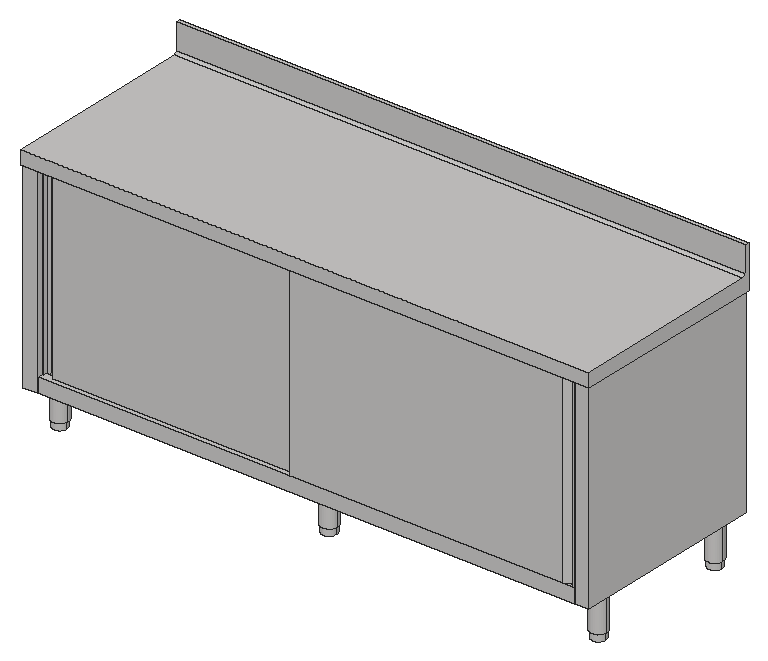
Revit family "QF_ELECTROLUXPROFESSIONAL_133084_TN2010EN", category Specialty Equipment, Revit 2021
Family settings
  Round Connector Dimension = Use Diameter
  Part Type = Normal
  Work Plane-Based = No
  Always vertical = Yes
  Cut with Voids When Loaded = No
  Shared = No
  Room Calculation Point = No
Parameters (values of type "Standard")
  Weight = 75.00 kg
  Watts = 0 W
  Volts = 0 V
  URL Manufacturer = "http://professional.electrolux.com"
  URL = "http://professional.electrolux.com"
  Steam Supply Size = 0 mm
  Steam Supply Minimum Pressure = 0.0 Pa
  Steam Supply Maximum Pressure = 0.0 Pa
  Steam Consumption per Hour = 0
  Refrigeration Suction Line Size = 0.0 mm
  Refrigeration Liquid Line Size = 0.0 mm
  Refrigerant Compressor Remote = yes
  Default Elevation = 0.0 mm
  Manufacturer = "Electrolux Professional"
  Phase = 0
  Model = "TN2010EN"
  Length Actual = 2000.0 mm  # constant formula
  Item Number = "133084"
  Hot Water Size = 0 mm
  Height Actual = 1000.0 mm  # constant formula
  HP = "0 HP"
  Gas Size = 0 mm
  Gas KW = 0
  Gas Input Pressure = 0 W
  Direct Waste Size = 0 mm
  Description = "WORKTOP CUPBOARD WITH UPSTAND 2000 MM"
  Depth Actual = 700.0 mm  # constant formula
  Cycle = 0 Hz
  Condensate Return Size = 0 mm
  Compressed Air Volume = 0.0 L/s
  Compressed Air Size = 0 mm
  Compressed Air Pressure = 0.0 Pa
  Cold Water Size = 0 mm
  Accessory = no
Reference planes
  plane 1 "Center (Front/Back)": y = 0
  plane 2: z = 0
  plane 3 "Center (Left/Right)": x = -500
  plane 4 "LEFT": x = -1500
  plane 5 "RIGHT": x = 500
  plane 6 "BACK": y = 350
  plane 7 "FRONT": y = -350
  plane 8 "Base": z = 850
  plane 9 "TOP": z = 900
  plane 10: x = -1446.9
  plane 11: x = 446.9
  plane 12: y = 270
  plane 13: y = -241.9
  plane 14 "BodyLeft": x = -1494.5
  plane 15 "BodyFront": y = -344.5
  plane 16 "BodyRight": x = 494.5
  plane 17 "BodyBack": y = 344.5
  plane 18 "FEET": z = 150
  plane 19: x = -444.5
  plane 20: x = -555.5
Forms (mm)
  Extrusion 1, solid, material "QF_Finishes_Stainless Steel"
    sketch origin (-500, 0, 0) x (0, 1, 0) y (0, 0, 1)
      loop
        line (-350, 850) -> (350, 850) -> (350, 1000) -> (337, 1000) -> (337, 910)
        arc (337, 910) -> (334.071, 902.929) -> (327, 900) r 10
        line (327, 900) -> (-350, 900) -> (-350, 850)
    from 1000 to -1000
  Extrusion 2, solid, material "QF_Finishes_Stainless Steel"
    sketch origin (0, 0, 150) x (-1, 0, 0) y (0, -1, 0)
      loop
        line (1494.5, -344.5) -> (1494.5, 344.5) -> (1444.5, 344.5) -> (1444.5, -344.5) -> (1494.5, -344.5)
      loop
        line (-444.5, -344.5) -> (-444.5, 344.5) -> (-494.5, 344.5) -> (-494.5, -344.5) -> (-444.5, -344.5)
    from 0 to 700
  Extrusion 3, solid, material "QF_Finishes_Stainless Steel"
    sketch origin (0, 0, 150) x (-1, 0, 0) y (0, -1, 0)
      loop
        line (1443.585, -344.5) -> (1443.585, 344.5) -> (-444.5, 344.5) -> (-444.5, -344.5) -> (1443.585, -344.5)
    from 0 to 50
  Extrusion 4, solid, material "QF_Finishes_Stainless Steel"
    sketch origin (0, 0, 150) x (-1, 0, 0) y (0, -1, 0)
      loop
        line (1443.585, -344.5) -> (1443.585, -294.5) -> (-444.5, -294.5) -> (-444.5, -344.5) -> (1443.585, -344.5)
    from 50 to 700
  Extrusion 5, solid, material "QF_Finishes_Stainless Steel"
    sketch origin (0, 0, 150) x (-1, 0, 0) y (0, -1, 0)
      loop
        line (-444.5, 344.5) -> (-444.5, 324.5) -> (555.5, 324.5) -> (555.5, 344.5) -> (-404.5, 344.5) -> (-424.5, 329.5) -> (-439.5, 329.5) -> (-439.5, 344.5) -> (-444.5, 344.5)
    from 50 to 700
  Extrusion 6, solid, material "QF_Finishes_Stainless Steel"
    sketch origin (0, 20, 150) x (1, 0, 0) y (0, 1, 0)
      loop
        line (-1444.5, -344.5) -> (-1439.5, -344.5) -> (-1439.5, -329.5) -> (-1424.5, -329.5) -> (-1404.5, -344.5) -> (-444.5, -344.5) -> (-444.5, -324.5) -> (-1444.5, -324.5) -> (-1444.5, -344.5)
    from 50 to 700
Lines and regions (mm)
  symbolic lines
    curve 1: line (500, 350, 900) -> (-1500, 350, 900)
    curve 2: line (-1500, 350, 900) -> (-1500, -350, 900)
    curve 3: line (-1500, -350, 900) -> (500, -350, 900)
    curve 4: line (500, -350, 900) -> (500, 350, 900)
    curve 5: line (-1500, 337, 900) -> (500, 337, 900)
  symbolic lines, style "SpecialityEquipmentHiddenLines"
    curve 6: line (-1494.5, -344.5, 150) -> (-1494.5, 344.5, 150)
    curve 7: line (-1494.5, 344.5, 150) -> (494.5, 344.5, 150)
    curve 8: line (494.5, 344.5, 150) -> (494.5, -344.5, 150)
    curve 9: line (494.5, -344.5, 150) -> (-1494.5, -344.5, 150)
    curve 10: line (-1444.5, -304.5, 150) -> (-444.5, -304.5, 150)
    curve 11: line (-444.5, -304.5, 150) -> (-444.5, -324.5, 150)
    curve 12: line (444.5, -324.5, 150) -> (-1444.5, -324.5, 150)
    curve 13: line (-1444.5, -324.5, 150) -> (-1444.5, -304.5, 150)
    curve 14: line (-555.5, -344.5, 150) -> (-555.5, -324.5, 150)
Dimensions and locks
  plane 4 "LEFT" to plane 5 "RIGHT" = 2000.0 mm
  equal spacing: plane 4 "LEFT", plane 3 "Center (Left/Right)", plane 5 "RIGHT"
  locked: plane 8 "Base" to level at 850
  locked: Extrusion 1 to level at 1000
  plane 9 "TOP" to level = 900.0 mm
  plane 6 "BACK" to plane 7 "FRONT" = 700.0 mm
  equal spacing: plane 6 "BACK", plane 1 "Center (Front/Back)", plane 7 "FRONT"
  locked: plane 4 "LEFT" to plane 14 "BodyLeft" at 5.5
  locked: plane 16 "BodyRight" to plane 5 "RIGHT" at 5.5
  locked: plane 15 "BodyFront" to plane 7 "FRONT" at 5.5
  locked: plane 6 "BACK" to plane 17 "BodyBack" at 5.5
  locked: plane 14 "BodyLeft" to plane 10 at 47.6
  locked: plane 11 to plane 16 "BodyRight" at 47.6
  locked: plane 13 to plane 15 "BodyFront" at 102.6
  locked: plane 17 "BodyBack" to plane 12 at 74.5
  plane 10 to plane 11 = 1893.8 mm
  plane 12 to plane 13 = 511.9 mm
  locked: plane 14 "BodyLeft" to Extrusion 2 sketch curve at 50
  locked: Extrusion 2 sketch curve to Extrusion 2 sketch curve at 50
  Extrusion 3 to Extrusion 4 sketch curve = 50.0 mm
  Extrusion 2 to plane 19 = 1000.0 mm
  plane 20 to Extrusion 2 = 1000.0 mm
  locked: plane 18 "FEET" to level at 150
  aligned and locked: level to plane 2
  aligned and locked: plane 10 to nested 1
  aligned and locked: nested 1 to plane 13
  aligned and locked: plane 11 to nested 2
  aligned and locked: nested 2 to plane 13
  aligned and locked: plane 11 to nested 4
  aligned and locked: nested 4 to plane 12
  aligned and locked: plane 10 to nested 3
  aligned and locked: nested 3 to plane 12
  aligned and locked: Extrusion 1 to plane 4 "LEFT"
  aligned and locked: plane 5 "RIGHT" to Extrusion 1
  aligned and locked: curve 2 to plane 4 "LEFT"
  aligned and locked: plane 17 "BodyBack" to Extrusion 2 sketch curve
  aligned and locked: Extrusion 2 sketch curve to plane 15 "BodyFront"
  aligned and locked: Extrusion 2 sketch curve to plane 14 "BodyLeft"
  aligned and locked: plane 16 "BodyRight" to Extrusion 2 sketch curve
  aligned and locked: Extrusion 2 sketch curve to plane 17 "BodyBack"
  aligned and locked: plane 15 "BodyFront" to Extrusion 2 sketch curve
  aligned and locked: Extrusion 3 sketch curve to plane 17 "BodyBack"
  aligned and locked: plane 15 "BodyFront" to Extrusion 3 sketch curve
  aligned and locked: plane 8 "Base" to Extrusion 2
  aligned and locked: plane 8 "Base" to Extrusion 5
  aligned and locked: Extrusion 5 to Extrusion 3
  aligned and locked: Extrusion 6 sketch curve to plane 19
  aligned and locked: Extrusion 5 sketch curve to plane 20
  aligned and locked: curve 7 to plane 17 "BodyBack"
  aligned and locked: Extrusion 2 to plane 14 "BodyLeft"
  aligned and locked: plane 16 "BodyRight" to curve 8
  aligned and locked: plane 15 "BodyFront" to curve 9
  aligned and locked: plane 3 "Center (Left/Right)" to nested 5
  aligned and locked: plane 3 "Center (Left/Right)" to nested 6
Automatic sketch dimensions
  curve 3 to plane 7 "FRONT" = 0.0 mm
  curve 5 to plane 5 "RIGHT" = 0.0 mm
  curve 4 to plane 6 "BACK" = 0.0 mm
  curve 5 to plane 17 "BodyBack" = 7.5 mm
  Extrusion 1 sketch curve to plane 7 "FRONT" = 0.0 mm
  Extrusion 1 sketch curve to plane 9 "TOP" = 0.0 mm
  Extrusion 1 sketch curve to plane 6 "BACK" = 0.0 mm
  Extrusion 1 sketch curve to plane 8 "Base" = 0.0 mm
  Extrusion 1 sketch curve to plane 17 "BodyBack" = 17.5 mm
  Extrusion 1 sketch curve to plane 17 "BodyBack" = 7.5 mm
  Extrusion 1 sketch curve to Extrusion 1 sketch curve = 90.0 mm
  Extrusion 5 sketch curve to plane 15 "BodyFront" = 0.0 mm  (x2)
  Extrusion 5 sketch curve to plane 11 = 2.4 mm
  Extrusion 5 sketch curve to Extrusion 5 sketch curve = 5.0 mm
  Extrusion 5 sketch curve to Extrusion 5 sketch curve = 15.0 mm
  Extrusion 5 sketch curve to Extrusion 5 sketch curve = 20.0 mm
  plane 15 "BodyFront" to Extrusion 5 sketch curve = 15.0 mm
  plane 15 "BodyFront" to Extrusion 5 sketch curve = 20.0 mm
  Extrusion 6 sketch curve to plane 15 "BodyFront" = 20.0 mm  (x2)
  Extrusion 6 sketch curve to plane 10 = 2.4 mm
  Extrusion 6 sketch curve to Extrusion 6 sketch curve = 5.0 mm
  Extrusion 6 sketch curve to Extrusion 6 sketch curve = 15.0 mm
  Extrusion 6 sketch curve to Extrusion 6 sketch curve = 20.0 mm  (x2)
  Extrusion 6 sketch curve to plane 15 "BodyFront" = 35.0 mm
  Extrusion 3 sketch curve to plane 11 = 2.4 mm
  plane 10 to Extrusion 3 sketch curve = 3.315 mm
  Extrusion 4 sketch curve to plane 11 = 2.4 mm
  plane 10 to Extrusion 4 sketch curve = 3.315 mm
  curve 10 to plane 19 = 0.0 mm
  curve 14 to plane 20 = 0.0 mm
  curve 7 to plane 14 "BodyLeft" = 0.0 mm
  plane 10 to curve 13 = 2.4 mm
  curve 10 to curve 13 = 20.0 mm
  curve 12 to plane 11 = 2.4 mm
  plane 15 "BodyFront" to curve 14 = 20.0 mm
Nested families
  nested 1: "FEET_D58-150" at (-1446.9, -241.9, 0), type "FEET_D58-150"
  nested 2: "FEET_D58-150" at (446.9, -241.9, 0), type "FEET_D58-150"
  nested 3: "FEET_D58-150" at (-1446.9, 270, 0), type "FEET_D58-150"
  nested 4: "FEET_D58-150" at (446.9, 270, 0), type "FEET_D58-150"
  nested 5: "FEET_D58-150" at (-500, -241.9, 0), type "FEET_D58-150"
  nested 6: "FEET_D58-150" at (-500, 270, 0), type "FEET_D58-150"
Definition of nested family "FEET_D58-150"
  Parameters
    Default Elevation = 0.0 mm
    FEET = 150.0 mm
  Reference planes
    plane 1 "Center (Front/Back)": y = 0
    plane 2: z = 0
    plane 3 "Center (Left/Right)": x = 0
    plane 4: z = 150
  Forms (mm)
    Extrusion 1, solid
      sketch origin (0, 0, 0) x (1, 0, 0) y (0, 1, 0)
        loop
          circle (0, 0) r 25
      from 0 to 25
    Extrusion 2, solid
      sketch origin (0, 0, 0) x (1, 0, 0) y (0, 1, 0)
        loop
          circle (0.061, 0) r 29
      from 25 to 150 <- "FEET"
  Lines and regions (mm)
    symbolic lines
      curve 1: line (0, -1.503, 0) -> (0, 1.508, 0)
      curve 2: line (1.561, 0, 0) -> (-1.439, 0, 0)
  Dimensions and locks
    "FEET": plane 4 to plane 2
    aligned and locked: level to plane 2
  Automatic sketch dimensions
    plane 1 "Center (Front/Back)" to Extrusion 1 sketch curve = 0.0 mm
    Extrusion 1 sketch curve to plane 3 "Center (Left/Right)" = 0.0 mm
    plane 1 "Center (Front/Back)" to curve 2 = 0.0 mm
    curve 1 to plane 3 "Center (Left/Right)" = 0.0 mm
    curve 2 to plane 3 "Center (Left/Right)" = 1.439 mm
    plane 3 "Center (Left/Right)" to curve 2 = 1.561 mm
    plane 1 "Center (Front/Back)" to curve 1 = 1.503 mm
    curve 1 to plane 1 "Center (Front/Back)" = 1.508 mm
    plane 1 "Center (Front/Back)" to Extrusion 2 sketch curve = 0.0 mm
    plane 3 "Center (Left/Right)" to Extrusion 2 sketch curve = 0.061 mm
    radius of Extrusion 1 sketch curve = 25.0 mm
    radius of Extrusion 2 sketch curve = 29.0 mm
